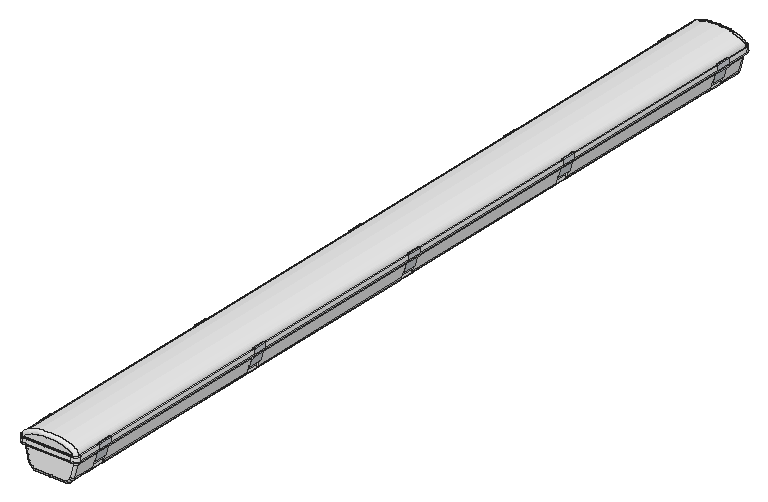
Revit family "0048830 Feilo Sylvania Lighting Fixture HYDROPROOF LED G3 1500MM T 4K QC", category Lighting Fixtures, host Face, Revit 2016
Family settings
  Host = Face
  Part Type = Normal
  Round Connector Dimension = Use Diameter
  OmniClass Number = 23.80.70.11.14
  OmniClass Title = General Luminaries, Directional
  Cut with Voids When Loaded = No
  Light Source = Yes
  Shared = No
  Room Calculation Point = No
Parameters (values of type "0048830 HYDROPROOF LED G3 1500MM T 4K QC  ")
  Width = 110 mm
  Weight = "2.59 kg"
  Wattage Comments = "n/a"
  Wattage = 47 W
  WarrantyStartDate [instance] = "n/a"
  WarrantyGuarantorParts = "n/a"
  WarrantyDurationUnit = "n/a"
  WarrantyDurationParts = "n/a"
  WarrantyDescription = "n/a"
  built-in parameter 1150110 = 1 (stored number, unit not read)
  Voltage = 230 V
  URL = "http://www.sylvania-lighting.com"
  TypeName = "HYDROPROOF LED G3 1500MM T 4K QC"
  Type Image = <None>
  Type Comments = "n/a"
  built-in parameter 1114217 = 1 (stored number, unit not read)
  Tilt Angle = -90.00°
  built-in parameter 1150109 = 1 (stored number, unit not read)
  built-in parameter 1150134 = 12
  built-in parameter 1150113 = 1 (stored number, unit not read)
  SerialNumber [instance] = "n/a"
  ReflectorMaterial = none
  PowerFactor = 0
  PowerConsumption = "47 W"
  Photometric Web File = "0048830.ies"
  NominalWidth = 0 mm
  NominalLength = 1578 mm
  NominalHeight = 78 mm
  Name = "HYDROPROOF LED G3 1500MM T 4K QC"
  ModelReference = "HYDROPROOF LED G3 1500MM T 4K QC"
  ModelNumber = "0048830"
  Model = "HYDROPROOF LED G3 1500MM T 4K QC"
  Material = "grp housing, pmma diffuser"
  ManufacturerName = "Feilo Sylvania"
  Manufacturer = "Feilo Sylvania"
  LuminousEfficacy = "150 lm/W"
  built-in parameter 1150105 = 561.02 (stored number, unit not read)
  Lumens = 7050 lm
  LuminaireType = ""
  built-in parameter 1150115 = 1 (stored number, unit not read)
  LightOutputRatio = "n/a"
  built-in parameter 1150137 = (empty or 0)
  built-in parameter 1150139 = (empty or 0)
  Length = 1572 mm
  LampsType = Lamp  # "LED"
  LampNominalLuminous = "6900 lm"
  LampMacAdamStep = "3"
  LampColourTemperature = "4000 K"
  LampColourRenderingIndex = "80"
  built-in parameter 1150112 = 1 (stored number, unit not read)
  built-in parameter 1150114 = 1 (stored number, unit not read)
  Lamp = "LED"
  Keynote = "16500"
  InstallationDate [instance] = "n/a"
  InputVoltage = "220-240V~"
  InputNominalFrequency = "50/60 Hz"
  built-in parameter 1150132 = (empty or 0)
  built-in parameter 1150102 = (empty or 0)
  built-in parameter 1150107 = 4000 (stored number, unit not read)
  built-in parameter 1150138 = (empty or 0)
  IngressProtection = "IP65"
  ImpactProtectionIndex = "IK02"
  built-in parameter 1150106 = 5.6102 (stored number, unit not read)
  IfcExportType = "IfcLightFixtureType"
  IfcExportAs = "IfcLightFixtureType"
  ExpectedLife = 50000
  Emit from Rectangle Width = Width - 20 mm  # 90 mm
  Emit from Rectangle Length = Length - 20 mm  # 1552 mm
  Emit Shape Visible in Rendering = no
  ElectricShockClassification = "Class I"
  built-in parameter 1150104 = 13.935 (stored number, unit not read)
  DurationUnit = "hours"
  DocumentationLiterature = "http://www.sylvania-lighting.com/product/en-int/products/0048830"
  DimmingControlOptions = "Non dimmable"
  Dimming Lamp Color Temperature Shift = <None>
  DiffuserMaterial = Diffuser-Sylvania-Transparent
  Description = "Hydroproof, integrated LED chemical resistant weatherproof luminaire with quick connector, with UV stabilized flat diffuser and linear prisms designed to achieve uniform lit appearance, optimise light output and to reduce glare, stainless steel diffuser clips and fixing brackets for surface and wall mounting. L 1578 mm x W 110 mm x H 78 mm size, GRP housing, PMMA diffuser, Non dimmable,   4000K, CRI80,  6900 lm, 47 W, 150 lm/W, nominal average life (h):50000, energy class: A++ A+ A Class I,IK02, IP65."
  Default Elevation = 1219.2 mm
  CreatedOn = "3/27/2018"
  CreatedBy = "aron.fodor@feilosylvania.com"
  Cost = 0
  Color Filter = 16777215
  built-in parameter 1114216 [instance] = (empty or 0)
  ClassificationValue = "EF_70_80"
  ClassificationName = "Uniclass2015"
  BodyMaterial = Body-Sylvania-Gray
  BarCode [instance] = "n/a"
  built-in parameter 1114218 = 1 (stored number, unit not read)
  built-in parameter 1150133 = 10 (stored number, unit not read)
  AssetType = "Fixed"
  AssetIdentifier [instance] = "n/a"
  Assembly Code = "D5020200"
  Apparent Load = 47 VA
  AccessoryMaterial = Diffuser-Sylvania-Glow
Reference planes
  plane 1 "Center (Front/Back)": y = 0
  plane 2: z = 0
  plane 3 "Center (Left/Right)": x = 0
  plane 4: z = 54
  plane 5: x = -27.7
  plane 6: x = -34.8
  plane 7: x = -39.6
  plane 8: x = -42.2
  plane 9: z = 3
  plane 10: z = 7.8
  plane 11: z = 12.3
  plane 12: z = 36.6
  plane 13: z = 42.8
  plane 14: x = -51.1
  plane 15: z = 46.2
  plane 16: x = -55
  plane 17: y = 786
  plane 18: y = -786
  plane 19: x = 27.7
  plane 20: x = 34.8
  plane 21: x = 39.6
  plane 22: x = 42.2
  plane 23: x = 51.1
  plane 24: x = 55
  plane 25: y = 778.4
  plane 26: y = -778.4
  plane 27: y = -774.7
  plane 28: y = 774.7
  plane 29: z = 74
  plane 30: x = -51.5
  plane 31: x = 51.5
  plane 32: z = 55.2
  plane 33: y = -782.5
  plane 34: y = 782.5
  plane 35: x = -37.5
  plane 36: x = 37.5
  plane 37: x = -48.7
  plane 38: x = 48.7
  plane 39: x = 18
  plane 40: x = -18
  plane 41: z = 50.2
  plane 42: z = 24.6
  plane 43: y = 720
  plane 44: y = 706
  plane 45: y = 734
  plane 46: y = -720
  plane 47: y = 720
  plane 48: y = 706
  plane 49: y = 734
  plane 50: y = -720
  plane 51: y = -734
  plane 52: y = -706
  plane 53: y = 360
  plane 54: y = 346
  plane 55: y = 374
  plane 56: y = 0
  plane 57: y = -14
  plane 58: y = 14
  plane 59: y = -360
  plane 60: y = -374
  plane 61: y = -346
Forms (mm)
  Sweep 1, solid, material "Body-Sylvania-Gray" <- "BodyMaterial", detail levels medium+fine
    path origin (1223.4, -4572, 54) x (0, -1, 0) y (1, 0, 0)
      loop
        arc (-3796, -1278.4) -> (-3788.929, -1275.471) -> (-3786, -1268.4) r 10
        line (-3786, -1268.4) -> (-3786, -1178.4)
        arc (-3786, -1178.4) -> (-3788.929, -1171.329) -> (-3796, -1168.4) r 10
        line (-3796, -1168.4) -> (-5348, -1168.4)
        arc (-5348, -1168.4) -> (-5355.071, -1171.329) -> (-5358, -1178.4) r 10
        line (-5358, -1178.4) -> (-5358, -1268.4)
        arc (-5358, -1268.4) -> (-5355.071, -1275.471) -> (-5348, -1278.4) r 10
        line (-5348, -1278.4) -> (-3796, -1278.4)
    profile origin (-55, 0, 54) x (-1, 0, 0) y (0, 0, 1)
      loop
        line (0, 0) -> (-1, 0) -> (-1, -7.726)
        arc (-1, -7.726) -> (-1.994, -9.498) -> (-3.9, -10.2) r 2.937
        line (-3.9, -10.2) -> (-8.571, -10.2) -> (-8.571, -11.2) -> (-3.9, -11.2)
        arc (-3.9, -11.2) -> (-1.313, -10.231) -> (0, -7.8) r 3.937
        line (0, -7.8) -> (0, 0)
  Sweep 2, solid, material "Body-Sylvania-Gray" <- "BodyMaterial", detail levels medium+fine
    path origin (0, 0, 0) x (1, 0, 0) y (0, 0, 1)
      loop
        line (48.7, 42.8) -> (48.7, 36.6) -> (42.203, 12.31)
        arc (42.203, 12.31) -> (41.199, 9.884) -> (39.6, 7.8) r 10.052
        line (39.6, 7.8) -> (34.8, 3)
        arc (34.8, 3) -> (31.554, 0.781) -> (27.7, 0) r 9.902
        line (27.7, 0) -> (0, 0) -> (-27.7, 0)
        arc (-27.7, 0) -> (-31.554, 0.781) -> (-34.8, 3) r 9.902
        line (-34.8, 3) -> (-39.6, 7.8)
        arc (-39.6, 7.8) -> (-41.199, 9.884) -> (-42.203, 12.31) r 10.052
        line (-42.203, 12.31) -> (-48.7, 36.6) -> (-48.7, 42.8)
    profile origin (0, 0, 0) x (0, 0, -1) y (0, -1, 0)
      loop
        arc (0, 773.4) -> (-1.464, 776.936) -> (-5, 778.4) r 5
        line (-5, 778.4) -> (-7.8, 778.4) -> (-7.8, -778.4) -> (-5, -778.4)
        arc (-5, -778.4) -> (-1.464, -776.936) -> (0, -773.4) r 5
        line (0, -773.4) -> (0, 773.4)
  Extrusion 3, solid, material "Body-Sylvania-Gray" <- "BodyMaterial", detail levels medium+fine
    sketch origin (1524, 778.4, 1219.2) x (1, 0, 0) y (0, 0, 1)
      loop
        arc (-1558.668, -1204.874) -> (-1558.443, -1205.418) -> (-1558.085, -1205.885) r 2.252
        line (-1558.085, -1205.885) -> (-1553.231, -1210.738)
        arc (-1553.231, -1210.738) -> (-1552.534, -1211.227) -> (-1551.7, -1211.4) r 2.102
        line (-1551.7, -1211.4) -> (-1496.3, -1211.4)
        arc (-1496.3, -1211.4) -> (-1495.466, -1211.227) -> (-1494.769, -1210.738) r 2.102
        line (-1494.769, -1210.738) -> (-1489.915, -1205.885)
        arc (-1489.915, -1205.885) -> (-1489.557, -1205.418) -> (-1489.332, -1204.874) r 2.252
        line (-1489.332, -1204.874) -> (-1483.1, -1181.575) -> (-1483.1, -1176.4) -> (-1564.9, -1176.4) -> (-1564.9, -1181.575) -> (-1558.668, -1204.874)
    from 0 to 1556.8
  Sweep 4, solid, material "Diffuser-Sylvania-Transparent" <- "DiffuserMaterial", detail levels medium+fine
    path origin (0, 0, 0) x (1, 0, 0) y (0, 0, 1)
      loop
        spline (-51.5, 55.2) -> (-49.745, 60.066) -> (-44.6, 64.6) -> (-36.416, 68.494) -> (-25.75, 71.481) -> (-13.329, 73.359) -> (0, 74) -> (13.329, 73.359) -> (25.75, 71.481) -> (36.416, 68.494) -> (44.6, 64.6) -> (49.745, 60.066) -> (51.5, 55.2)
    profile origin (51.5, 0, 55.2) x (0, -1, 0) y (1, 0, 0)
      loop
        arc (782.5, -5.5) -> (780.889, -1.611) -> (777, 0) r 5.5
        line (777, 0) -> (-777, 0)
        arc (-777, 0) -> (-780.889, -1.611) -> (-782.5, -5.5) r 5.5
        line (-782.5, -5.5) -> (-782.5, -6.3) -> (-781.5, -6.3) -> (-781.5, -5.5)
        arc (-781.5, -5.5) -> (-780.182, -2.318) -> (-777, -1) r 4.5
        line (-777, -1) -> (777, -1)
        arc (777, -1) -> (780.182, -2.318) -> (781.5, -5.5) r 4.5
        line (781.5, -5.5) -> (781.5, -6.347) -> (782.5, -6.347) -> (782.5, -5.5)
  Extrusion 5, solid, material "Diffuser-Sylvania-Transparent" <- "DiffuserMaterial", detail levels medium+fine
    sketch origin (1524, -782.5, 1219.2) x (1, 0, 0) y (0, 0, 1)
      loop
        line (-1569.653, -1164) -> (-1478.347, -1164)
        spline (-1478.347, -1164) -> (-1478.969, -1162.594) -> (-1482.527, -1159.545) -> (-1489.588, -1156.201) -> (-1499.458, -1153.445) -> (-1511.242, -1151.663) -> (-1524, -1151.049) -> (-1536.758, -1151.663) -> (-1548.542, -1153.445) -> (-1558.412, -1156.201) -> (-1565.473, -1159.545) -> (-1569.031, -1162.594) -> (-1569.653, -1164)
    from 0 to -1
  Extrusion 6, solid, material "Diffuser-Sylvania-Transparent" <- "DiffuserMaterial", detail levels medium+fine
    sketch origin (1524, 782.5, 1219.2) x (1, 0, 0) y (0, 0, 1)
      loop
        spline (-1478.3, -1164) -> (-1478.931, -1162.565) -> (-1482.502, -1159.505) -> (-1489.572, -1156.155) -> (-1499.446, -1153.394) -> (-1511.236, -1151.614) -> (-1524, -1151.007) -> (-1536.764, -1151.614) -> (-1548.554, -1153.394) -> (-1558.428, -1156.155) -> (-1565.498, -1159.505) -> (-1569.069, -1162.565) -> (-1569.7, -1164)
        line (-1569.7, -1164) -> (-1478.3, -1164)
    from 0 to 1
  Extrusion 7, solid, material "Diffuser-Sylvania-Transparent" <- "DiffuserMaterial", detail levels medium+fine
    sketch origin (1223.4, -4572, 55.2) x (0, -1, 0) y (-1, 0, 0)
      loop
        arc (-5353.5, 1177.4) -> (-5352.182, 1174.218) -> (-5349, 1172.9) r 4.5
        line (-5349, 1172.9) -> (-3795, 1172.9)
        arc (-3795, 1172.9) -> (-3791.818, 1174.218) -> (-3790.5, 1177.4) r 4.5
        line (-3790.5, 1177.4) -> (-3790.5, 1269.4)
        arc (-3790.5, 1269.4) -> (-3791.818, 1272.582) -> (-3795, 1273.9) r 4.5
        line (-3795, 1273.9) -> (-5349, 1273.9)
        arc (-5349, 1273.9) -> (-5352.182, 1272.582) -> (-5353.5, 1269.4) r 4.5
        line (-5353.5, 1269.4) -> (-5353.5, 1177.4)
      loop
        line (-5358, 1268.4) -> (-5358, 1178.4)
        arc (-5358, 1178.4) -> (-5355.071, 1171.329) -> (-5348, 1168.4) r 10
        line (-5348, 1168.4) -> (-3796, 1168.4)
        arc (-3796, 1168.4) -> (-3788.929, 1171.329) -> (-3786, 1178.4) r 10
        line (-3786, 1178.4) -> (-3786, 1268.4)
        arc (-3786, 1268.4) -> (-3788.929, 1275.471) -> (-3796, 1278.4) r 10
        line (-3796, 1278.4) -> (-5348, 1278.4)
        arc (-5348, 1278.4) -> (-5355.071, 1275.471) -> (-5358, 1268.4) r 10
    from 0 to 1.2
  Extrusion 8, solid, material "Diffuser-Sylvania-Glow" <- "AccessoryMaterial", detail levels fine
    sketch origin (0, 0, 0) x (1, 0, 0) y (0, 0, 1)
      loop
        circle (-18, 50.2) r 8
      loop
        circle (18, 50.2) r 8
    from -774.7 to 774.7
  Extrusion 9, void
    sketch origin (0, 720, 2343.807) x (0, 0, -1) y (-1, 0, 0)
      loop
        line (2340.807, -37.5) -> (2331.507, -37.5) -> (2319.207, -42.2) -> (2319.207, -48.7) -> (2340.807, -48.7) -> (2340.807, -37.5)
      loop
        line (2340.807, 37.5) -> (2340.807, 48.7) -> (2319.207, 48.7) -> (2319.207, 42.2) -> (2331.507, 37.5) -> (2340.807, 37.5)
    from -14 to 14
  Extrusion 10, solid, material "Body-Sylvania-Gray" <- "BodyMaterial", detail levels coarse
    sketch origin (0, 0, 0) x (1, 0, 0) y (0, 0, 1)
      loop
        line (55, 42.8) -> (55, 55.2) -> (-55, 55.2) -> (-55, 42.791) -> (-42.2, 0) -> (42.2, 0) -> (55, 42.8)
    from -786 to 786
  Extrusion 11, solid, material "Diffuser-Sylvania-Transparent" <- "DiffuserMaterial", detail levels coarse
    sketch origin (0, 0, 0) x (1, 0, 0) y (0, 0, 1)
      loop
        arc (51.5, 55.2) -> (0, 74) -> (-51.5, 55.2) r 79.939
        line (-51.5, 55.2) -> (51.5, 55.2)
    from 778.4 to -778.4
  Extrusion 12, void, not visible
    sketch origin (0, 720, 2343.807) x (0, 0, -1) y (-1, 0, 0)
      loop
        line (2340.807, -37.5) -> (2331.507, -37.5) -> (2319.207, -42.2) -> (2319.207, -48.7) -> (2340.807, -48.7) -> (2340.807, -37.5)
      loop
        line (2340.807, 37.5) -> (2340.807, 48.7) -> (2319.207, 48.7) -> (2319.207, 42.2) -> (2331.507, 37.5) -> (2340.807, 37.5)
    from -14 to 14
  Extrusion 13, void
    sketch origin (0, -720, 2343.807) x (0, 0, -1) y (-1, 0, 0)
      loop
        line (2340.807, -37.5) -> (2331.507, -37.5) -> (2319.207, -42.2) -> (2319.207, -48.7) -> (2340.807, -48.7) -> (2340.807, -37.5)
      loop
        line (2340.807, 37.5) -> (2340.807, 48.7) -> (2319.207, 48.7) -> (2319.207, 42.2) -> (2331.507, 37.5) -> (2340.807, 37.5)
    from -14 to 14
  Extrusion 14, void
    sketch origin (0, 360, 2343.807) x (0, 0, -1) y (-1, 0, 0)
      loop
        line (2340.807, -37.5) -> (2331.507, -37.5) -> (2319.207, -42.2) -> (2319.207, -48.7) -> (2340.807, -48.7) -> (2340.807, -37.5)
      loop
        line (2340.807, 37.5) -> (2340.807, 48.7) -> (2319.207, 48.7) -> (2319.207, 42.2) -> (2331.507, 37.5) -> (2340.807, 37.5)
    from -14 to 14
  Extrusion 15, void
    sketch origin (0, 0, 2343.807) x (0, 0, -1) y (-1, 0, 0)
      loop
        line (2340.807, -37.5) -> (2331.507, -37.5) -> (2319.207, -42.2) -> (2319.207, -48.7) -> (2340.807, -48.7) -> (2340.807, -37.5)
      loop
        line (2340.807, 37.5) -> (2340.807, 48.7) -> (2319.207, 48.7) -> (2319.207, 42.2) -> (2331.507, 37.5) -> (2340.807, 37.5)
    from -14 to 14
  Extrusion 16, void
    sketch origin (0, -360, 2343.807) x (0, 0, -1) y (-1, 0, 0)
      loop
        line (2340.807, -37.5) -> (2331.507, -37.5) -> (2319.207, -42.2) -> (2319.207, -48.7) -> (2340.807, -48.7) -> (2340.807, -37.5)
      loop
        line (2340.807, 37.5) -> (2340.807, 48.7) -> (2319.207, 48.7) -> (2319.207, 42.2) -> (2331.507, 37.5) -> (2340.807, 37.5)
    from -14 to 14
Cuts and joins
  Extrusion 9, Extrusion 13, Extrusion 14, Extrusion 15, Extrusion 16 cuts Sweep 2
  Extrusion 13, Extrusion 14, Extrusion 15, Extrusion 16 cuts Extrusion 3
  joined: Sweep 2, Extrusion 3
  joined: Sweep 4, Extrusion 5, Extrusion 6
Dimensions and locks
  locked: plane 4 to plane 2 at 54
  plane 5 to plane 6 to plane 7 to plane 8 to plane 14 to plane 16 = 7.1 mm locked, 4.8 mm locked, 2.6 mm locked, 8.9 mm, 3.9 mm
  plane 4 to plane 15 to plane 13 to plane 12 to plane 11 to plane 10 to plane 9 = 7.8 mm locked, 3.4 mm, 6.2 mm locked, 24.3 mm locked, 4.5 mm locked, 4.8 mm locked
  equal spacing: plane 18, plane 1 "Center (Front/Back)", plane 17
  "Length": plane 18 to plane 17
  plane 19 to plane 20 to plane 21 to plane 22 to plane 23 to plane 24 = 7.1 mm locked, 4.8 mm locked, 2.6 mm locked, 8.9 mm, 3.9 mm
  equal spacing: plane 24, plane 3 "Center (Left/Right)", plane 16
  "Width": plane 24 to plane 16
  equal spacing: plane 27, plane 1 "Center (Front/Back)", plane 28
  locked: plane 26 to plane 27 at 3.7
  locked: Sweep 1 sketch curve to profile plane at 1
  locked: Sweep 1 sketch curve to plane 13 at 1
  locked: Sweep 1 sketch curve to plane 13 at 3.937  (x2)
  locked: Sweep 1 sketch curve to profile plane at 3.9  (x2)
  locked: plane 29 to plane 4 at 20
  equal spacing: plane 31, plane 3 "Center (Left/Right)", plane 30
  locked: plane 30 to plane 16 at 3.5
  locked: plane 32 to plane 4 at 1.2
  equal spacing: plane 33, plane 1 "Center (Front/Back)", plane 34
  equal spacing: plane 36, plane 3 "Center (Left/Right)", plane 35
  locked: plane 3 "Center (Left/Right)" to plane 35 at 37.5
  locked: plane 34 to plane 17 at 3.5
  equal spacing: plane 38, plane 3 "Center (Left/Right)", plane 37
  locked: plane 37 to plane 16 at 6.3
  equal spacing: plane 25, plane 1 "Center (Front/Back)", plane 26
  locked: plane 17 to plane 25 at 7.6
  locked: Sweep 2 sketch curve to plane 2 at 5  (x2)
  locked: Sweep 2 sketch curve to plane 26 at 5
  locked: plane 25 to Sweep 2 sketch curve at 5
  locked: Sweep 4 sketch curve to plane 31 at 5.5  (x2)
  locked: Sweep 4 sketch curve to plane 34 at 5.5
  plane 33 to Sweep 4 sketch curve = 5.5 mm
  locked: plane 34 to Sweep 4 sketch curve at 1
  locked: Sweep 4 sketch curve to plane 31 at 1
  locked: Sweep 4 sketch curve to Sweep 4 sketch curve at 1
  locked: Sweep 4 sketch curve to plane 31 at 6.347
  locked: Sweep 4 sketch curve to plane 31 at 6.3
  equal spacing: plane 39, plane 3 "Center (Left/Right)", plane 40
  locked: plane 3 "Center (Left/Right)" to plane 40 at 18
  locked: plane 42 to plane 2 at 24.6
  plane 45 to plane 43 to plane 44 = 14 mm locked, 14 mm locked
  locked: plane 17 to plane 43 at 66
  equal spacing: plane 43, plane 1 "Center (Front/Back)", plane 46
  plane 49 to plane 47 to plane 48 = 14 mm locked, 14 mm locked
  plane 52 to plane 50 to plane 51 = 14 mm locked, 14 mm locked  (x2)
  equal spacing: group 1, group 6, group 7, group 8, group 5  (x2)
  equal spacing: group 5, group 8, group 7, group 6, group 1
  plane 55 to plane 53 to plane 54 = 14 mm locked, 14 mm locked  (x2)
  plane 58 to plane 56 to plane 57 = 14 mm locked, 14 mm locked  (x2)
  plane 61 to plane 59 to plane 60 = 14 mm locked, 14 mm locked  (x2)
  plane 43 to plane 53 to plane 1 "Center (Front/Back)" to plane 59 to plane 50 = 360 mm locked, 360 mm locked, 360 mm locked, 360 mm locked
  aligned and locked: plane 2 to host face
  aligned and locked: level to host face
  aligned and locked: plane 16 to Sweep 1 sketch curve
  aligned and locked: Sweep 1 sketch curve to plane 24
  aligned and locked: plane 18 to Sweep 1 sketch curve
  aligned and locked: Sweep 1 sketch curve to plane 13
  aligned and locked: profile plane to Sweep 1 sketch curve
  aligned and locked: plane 3 "Center (Left/Right)" to Sweep 2 sketch curve
  aligned and locked: plane 9 to Sweep 2 sketch curve
  aligned and locked: plane 10 to Sweep 2 sketch curve
  aligned and locked: plane 37 to Sweep 2 sketch curve
  aligned and locked: plane 12 to Sweep 2 sketch curve
  aligned and locked: Sweep 2 sketch curve to level
  aligned and locked: plane 21 to Sweep 2 sketch curve
  aligned and locked: plane 38 to Sweep 2 sketch curve
  aligned and locked: profile plane to Sweep 2 sketch curve
  aligned and locked: plane 25 to Sweep 2 sketch curve
  aligned and locked: Sweep 2 sketch curve to plane 10
  aligned and locked: Extrusion 3 sketch curve to Sweep 2  (x7)
  aligned and locked: Sweep 2 to Extrusion 3 sketch curve
  aligned and locked: Extrusion 3 to plane 25
  aligned and locked: plane 26 to Extrusion 3
  aligned and locked: plane 32 to Sweep 4 sketch curve
  aligned and locked: plane 33 to Sweep 4 sketch curve
  aligned and locked: Sweep 4 to Extrusion 5
  aligned and locked: plane 33 to Extrusion 5
  aligned and locked: Extrusion 5 sketch curve to Sweep 4
  aligned and locked: cut or joined group of Sweep 4, Extrusion 5, Extrusion 6 to Extrusion 6 sketch curve
  aligned and locked: Extrusion 7 sketch curve to cut or joined group of Sweep 4, Extrusion 5, Extrusion 6  (x2)
  aligned and locked: cut or joined group of Sweep 4, Extrusion 5, Extrusion 6 to Extrusion 7 sketch curve  (x2)
  aligned and locked: plane 41 to Extrusion 8 sketch curve  (x2)
  aligned and locked: plane 39 to Extrusion 8 sketch curve
  aligned and locked: plane 27 to Extrusion 8
  aligned and locked: Extrusion 8 to plane 28
  aligned and locked: Extrusion 9 to plane 42
  aligned and locked: plane 9 to Extrusion 9
  aligned and locked: plane 44 to Extrusion 9
  aligned and locked: Extrusion 9 to plane 45
  aligned and locked: Extrusion 7 sketch curve to Sweep 1  (x4)
  aligned and locked: plane 4 to Extrusion 7
  aligned and locked: Extrusion 7 to plane 32
  aligned and locked: nested 2 to plane 43
  aligned and locked: plane 43 to nested 1
  aligned and locked: Extrusion 10 sketch curve to plane 24
  aligned and locked: Extrusion 10 sketch curve to Extrusion 7
  aligned and locked: plane 8 to Extrusion 10 sketch curve
  aligned and locked: plane 22 to Extrusion 10 sketch curve
  aligned and locked: level to Extrusion 10 sketch curve
  aligned and locked: Extrusion 10 to plane 17
  aligned and locked: plane 18 to Extrusion 10
  aligned and locked: cut or joined group of Sweep 4, Extrusion 5, Extrusion 6 to Extrusion 11 sketch curve
  aligned and locked: Extrusion 11 sketch curve to cut or joined group of Sweep 4, Extrusion 5, Extrusion 6  (x2)
  aligned and locked: plane 31 to Extrusion 11 sketch curve
  aligned and locked: plane 30 to Extrusion 11 sketch curve
  aligned and locked: plane 26 to Extrusion 11
  aligned and locked: Extrusion 11 to plane 25
  aligned and locked: imposter light to plane 29
  aligned and locked: plane 3 "Center (Left/Right)" to imposter light
  aligned and locked: plane 1 "Center (Front/Back)" to imposter light
  aligned and locked: plane 51 to Extrusion 13
  aligned and locked: Extrusion 13 to plane 52
  aligned and locked: plane 54 to Extrusion 14
  aligned and locked: Extrusion 14 to plane 55
  aligned and locked: plane 57 to Extrusion 15
  aligned and locked: Extrusion 15 to plane 58
  aligned and locked: plane 60 to Extrusion 16
  aligned and locked: Extrusion 16 to plane 61
  aligned and locked: nested 3 to plane 53
  aligned and locked: plane 53 to nested 10
  aligned and locked: nested 4 to plane 56
  aligned and locked: plane 56 to nested 9
  aligned and locked: nested 5 to plane 59
  aligned and locked: plane 59 to nested 8
  aligned and locked: nested 6 to plane 50
  aligned and locked: plane 50 to nested 7
Automatic sketch dimensions
  host sketch curve to host sketch curve = 2438.4 mm  (x2)
  plane 17 to Sweep 1 sketch curve = 0 mm
  Sweep 1 sketch curve to plane 28 = 1.3 mm
  Sweep 1 sketch curve to plane 7 = 5.4 mm
  plane 27 to Sweep 1 sketch curve = 1.3 mm  (x2)
  Sweep 1 sketch curve to Sweep 1 sketch curve = 4.671 mm
  Sweep 1 sketch curve to plane 4 = 0 mm
  Sweep 2 sketch curve to plane 7 = 0 mm
  Sweep 2 sketch curve to plane 6 = 0 mm
  Sweep 2 sketch curve to plane 5 = 0 mm
  plane 19 to Sweep 2 sketch curve = 0 mm
  Sweep 2 sketch curve to plane 9 = 0 mm
  plane 20 to Sweep 2 sketch curve = 0 mm
  Sweep 2 sketch curve to plane 12 = 0 mm
  Sweep 2 sketch curve to plane 10 = 0 mm
  Sweep 2 sketch curve to plane 13 = 0 mm  (x2)
  Sweep 2 sketch curve to plane 8 = 0.003 mm
  plane 6 to Sweep 2 sketch curve = 2.308 mm
  plane 20 to Sweep 2 sketch curve = 2.308 mm
  Sweep 2 sketch curve to plane 22 = 0.003 mm
  Sweep 2 sketch curve to plane 11 = 0.01 mm  (x2)
  Extrusion 3 sketch curve to plane 5 = 0 mm
  plane 19 to Extrusion 3 sketch curve = 0 mm
  plane 6 to Extrusion 3 sketch curve = 0.132 mm
  plane 6 to Extrusion 3 sketch curve = 0.715 mm
  Extrusion 3 sketch curve to Extrusion 3 sketch curve = 1.592 mm
  Extrusion 3 sketch curve to plane 10 = 0.662 mm  (x2)
  plane 20 to Extrusion 3 sketch curve = 2.308 mm
  plane 20 to Extrusion 3 sketch curve = 0.715 mm
  plane 20 to Extrusion 3 sketch curve = 0.132 mm
  Sweep 4 sketch curve to plane 30 = 0 mm
  Sweep 4 sketch curve to plane 3 "Center (Left/Right)" = 0 mm
  Sweep 4 sketch curve to Sweep 4 sketch curve = 0 mm  (x2)
  plane 37 to Extrusion 5 sketch curve = 3.047 mm
  Extrusion 5 sketch curve to plane 38 = 3.047 mm
  plane 37 to Extrusion 6 sketch curve = 3 mm
  Extrusion 6 sketch curve to plane 38 = 3 mm
  plane 25 to Extrusion 7 sketch curve = 1.4 mm  (x2)
  Extrusion 7 sketch curve to plane 26 = 1.4 mm  (x2)
  Extrusion 8 sketch curve to plane 40 = 0 mm
  Extrusion 9 sketch curve to Extrusion 9 sketch curve = 0 mm
  Extrusion 9 sketch curve to Extrusion 9 sketch curve = 12.3 mm  (x2)
  Extrusion 9 sketch curve to Extrusion 9 sketch curve = 9.3 mm  (x2)
  Extrusion 9 sketch curve to Extrusion 9 sketch curve = 6.5 mm
  Extrusion 9 sketch curve to Extrusion 9 sketch curve = 4.7 mm  (x2)
  Extrusion 9 sketch curve to Extrusion 9 sketch curve = 75 mm
  Extrusion 9 sketch curve to Extrusion 9 sketch curve = 11.2 mm
  Extrusion 10 sketch curve to plane 13 = 0 mm
  plane 13 to Extrusion 10 sketch curve = 0.009 mm
  Extrusion 11 sketch curve to level = 5.939 mm
  Extrusion 10 sketch curve to plane 16 = 0 mm
  Extrusion 12 sketch curve to Extrusion 12 sketch curve = 0 mm
  Extrusion 12 sketch curve to Extrusion 12 sketch curve = 12.3 mm  (x2)
  Extrusion 12 sketch curve to Extrusion 12 sketch curve = 9.3 mm  (x2)
  Extrusion 12 sketch curve to Extrusion 12 sketch curve = 6.5 mm
  Extrusion 12 sketch curve to Extrusion 12 sketch curve = 4.7 mm  (x2)
  Extrusion 12 sketch curve to Extrusion 12 sketch curve = 75 mm
  Extrusion 12 sketch curve to Extrusion 12 sketch curve = 11.2 mm
  Extrusion 13 sketch curve to Extrusion 13 sketch curve = 0 mm
  Extrusion 13 sketch curve to Extrusion 13 sketch curve = 12.3 mm  (x2)
  Extrusion 13 sketch curve to Extrusion 13 sketch curve = 9.3 mm  (x2)
  Extrusion 13 sketch curve to Extrusion 13 sketch curve = 6.5 mm
  Extrusion 13 sketch curve to Extrusion 13 sketch curve = 4.7 mm  (x2)
  Extrusion 13 sketch curve to Extrusion 13 sketch curve = 75 mm
  Extrusion 13 sketch curve to Extrusion 13 sketch curve = 11.2 mm
  Extrusion 14 sketch curve to Extrusion 14 sketch curve = 0 mm
  Extrusion 14 sketch curve to Extrusion 14 sketch curve = 12.3 mm  (x2)
  Extrusion 14 sketch curve to Extrusion 14 sketch curve = 9.3 mm  (x2)
  Extrusion 14 sketch curve to Extrusion 14 sketch curve = 6.5 mm
  Extrusion 14 sketch curve to Extrusion 14 sketch curve = 4.7 mm  (x2)
  Extrusion 14 sketch curve to Extrusion 14 sketch curve = 75 mm
  Extrusion 14 sketch curve to Extrusion 14 sketch curve = 11.2 mm
  Extrusion 15 sketch curve to Extrusion 15 sketch curve = 0 mm
  Extrusion 15 sketch curve to Extrusion 15 sketch curve = 12.3 mm  (x2)
  Extrusion 15 sketch curve to Extrusion 15 sketch curve = 9.3 mm  (x2)
  Extrusion 15 sketch curve to Extrusion 15 sketch curve = 6.5 mm
  Extrusion 15 sketch curve to Extrusion 15 sketch curve = 4.7 mm  (x2)
  Extrusion 15 sketch curve to Extrusion 15 sketch curve = 75 mm
  Extrusion 15 sketch curve to Extrusion 15 sketch curve = 11.2 mm
  Extrusion 16 sketch curve to Extrusion 16 sketch curve = 0 mm
  Extrusion 16 sketch curve to Extrusion 16 sketch curve = 12.3 mm  (x2)
  Extrusion 16 sketch curve to Extrusion 16 sketch curve = 9.3 mm  (x2)
  Extrusion 16 sketch curve to Extrusion 16 sketch curve = 6.5 mm
  Extrusion 16 sketch curve to Extrusion 16 sketch curve = 4.7 mm  (x2)
  Extrusion 16 sketch curve to Extrusion 16 sketch curve = 75 mm
  Extrusion 16 sketch curve to Extrusion 16 sketch curve = 11.2 mm
  radius of Extrusion 8 sketch curve = 8 mm  (x2)
Nested families
  nested 1: "Clip" at (42.2, 720, 24.6), type "Clip", detail levels fine
  nested 2: "Clip" at (-42.2, 720, 24.6) x (-1, 0, 0) z (0, 0, 1), type "Clip", detail levels fine
  nested 3: "Clip" at (-42.2, 360, 24.6) x (-1, 0, 0) z (0, 0, 1), type "Clip", detail levels fine
  nested 4: "Clip" at (-42.2, 0, 24.6) x (-1, 0, 0) z (0, 0, 1), type "Clip", detail levels fine
  nested 5: "Clip" at (-42.2, -360, 24.6) x (-1, 0, 0) z (0, 0, 1), type "Clip", detail levels fine
  nested 6: "Clip" at (-42.2, -720, 24.6) x (-1, 0, 0) z (0, 0, 1), type "Clip", detail levels fine
  nested 7: "Clip" at (42.2, -720, 24.6), type "Clip", detail levels fine
  nested 8: "Clip" at (42.2, -360, 24.6), type "Clip", detail levels fine
  nested 9: "Clip" at (42.2, 0, 24.6), type "Clip", detail levels fine
  nested 10: "Clip" at (42.2, 360, 24.6), type "Clip", detail levels fine
Connectors
  electrical at (0, 0, 0), driven by "Apparent Load"
    settings: index 1, voltage 230 V, apparent load 47 VA, apparent load phase1 0 VA, apparent load phase2 0 VA, apparent load phase3 0 VA, power factor 0, load classification "Lighting", number of poles 1, system type 30, power factor state 1, is connector primary yes, connector utility no, sub classification motor no, connector description ""
Definition of nested family "Clip"
  Parameters (values of type "Clip")
    URL = "http://www.feilosylvania.com"
    Type Comments = "n/a"
    Model = "n/a"
    Manufacturer = "Feilo Sylvania"
    Keynote = "n/a"
    Description = "n/a"
    Default Elevation = 1219.2 mm
    Cost = 0
    BodyMaterial = none
    Assembly Code = "n/a"
  Reference planes
    plane 1 "Center (Front/Back)": y = 0
    plane 2: z = 0
    plane 3 "Center (Left/Right)": x = 0
    plane 4: x = 3.3
    plane 5: x = 6.5
    plane 6: x = 8.9
    plane 7: x = 12.8
    plane 8: z = 12
    plane 9: z = 18.2
    plane 10: z = 21.6
    plane 11: z = 30.6
    plane 12: x = 9.3
    plane 13: z = 19.2
    plane 14: z = 16.2
    plane 15: x = 10.1
    plane 16: y = 12
    plane 17: y = -12
  Forms (mm)
    Extrusion 1, solid
      sketch origin (-0.8, 0, 0) x (1, 0, 0) y (0, 1, 0)
        loop
          line (-1219.2, 1219.2) -> (-1219.2, -1219.2) -> (1219.2, -1219.2) -> (1219.2, 1219.2) -> (-1219.2, 1219.2)
      from 0 to -304.8
    Extrusion 2, solid
      sketch origin (0, 0, 0) x (1, 0, 0) y (0, 0, 1)
        loop
          line (8.9, 16.2) -> (4.58, 0) -> (0, 0) -> (0, -0.8) -> (5.195, -0.8) -> (9.603, 15.731) -> (13.6, 18.806) -> (13.6, 30.6)
          arc (13.6, 30.6) -> (11.45, 32.75) -> (9.3, 30.6) r 2.15
          line (9.3, 30.6) -> (10.1, 30.6)
          arc (10.1, 30.6) -> (11.45, 31.95) -> (12.8, 30.6) r 1.35
          line (12.8, 30.6) -> (12.8, 19.2) -> (8.9, 16.2)
      from -12 to 12
  Lines and regions (mm)
    reference lines
      curve 1: line (3.3, 0, 0) -> (6.5, 0, 12)
      curve 2: arc (8.9, 0, 18.2) -> (11.488, 0, 19.169) -> (12.8, 0, 21.6) r 3.934
  Dimensions and locks
    plane 7 to plane 6 to plane 5 to plane 4 to plane 3 "Center (Left/Right)" = 3.9 mm locked, 2.4 mm locked, 3.2 mm locked, 3.3 mm locked
    plane 11 to plane 10 to plane 9 to plane 8 to plane 2 = 9 mm locked, 3.4 mm locked, 6.2 mm locked, 12 mm locked
    locked: plane 7 to plane 12 at 3.5
    locked: plane 13 to plane 9 at 1
    locked: plane 9 to plane 14 at 2
    locked: plane 15 to plane 12 at 0.8
    locked: plane 2 to Extrusion 2 sketch curve at 0.8
    locked: Extrusion 2 sketch curve to Extrusion 2 sketch curve at 0.8  (x3)
    locked: plane 7 to Extrusion 2 sketch curve at 1.35
    equal spacing: plane 17, plane 1 "Center (Front/Back)", plane 16
    locked: plane 1 "Center (Front/Back)" to plane 16 at 12
    aligned and locked: plane 2 to Extrusion 1
    aligned and locked: level to Extrusion 1
    aligned and locked: plane 4 to curve 1
    aligned and locked: plane 5 to curve 1
    aligned and locked: plane 6 to curve 2
    aligned and locked: plane 10 to curve 2
    aligned and locked: plane 14 to Extrusion 2 sketch curve
    aligned and locked: plane 13 to Extrusion 2 sketch curve
    aligned and locked: plane 7 to Extrusion 2 sketch curve
    aligned and locked: plane 3 "Center (Left/Right)" to Extrusion 2 sketch curve
    aligned and locked: Extrusion 2 sketch curve to level
    aligned and locked: Extrusion 2 sketch curve to plane 11
    aligned and locked: plane 11 to Extrusion 2 sketch curve
    aligned and locked: Extrusion 2 to plane 16
    aligned and locked: plane 17 to Extrusion 2
  Automatic sketch dimensions
    Extrusion 1 sketch curve to Extrusion 1 sketch curve = 2438.4 mm  (x2)
    curve 2 to plane 7 = 0 mm
    curve 1 to level = 0 mm
    curve 1 to plane 8 = 0 mm
    curve 2 to plane 9 = 0 mm
    plane 6 to curve 2 = 0.002 mm
    Extrusion 2 sketch curve to Extrusion 2 sketch curve = 0 mm
    Extrusion 2 sketch curve to plane 6 = 0 mm
    plane 4 to Extrusion 2 sketch curve = 1.28 mm
